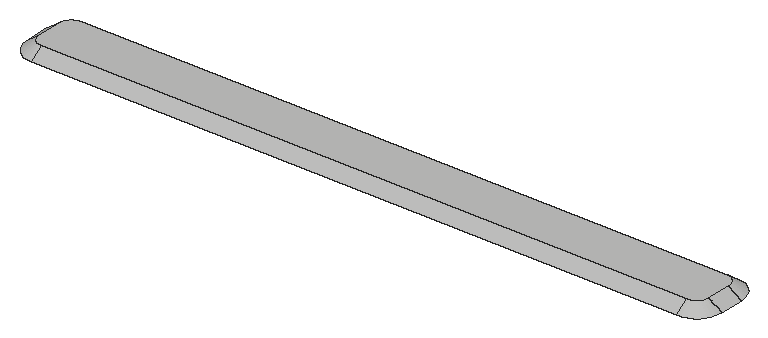
Revit family "Taktila - Objekt 2 - (Lang 280mm) - NCS3000", category Generic Models, Revit 2023
Family settings
  Can host rebar = No
  Round Connector Dimension = Use Diameter
  Part Type = Normal
  Work Plane-Based = No
  Always vertical = Yes
  Cut with Voids When Loaded = No
  Maintain Annotation Orientation = No
  Shared = No
  Room Calculation Point = No
Parameters
  Sklisikkerhet [instance] = "R10 (Ihht. DIN 51130-2104)"
  Materiale [instance] = "Resirkulert nylon plast. PA 15%gf"
  Mål [instance] = "L: 280mm / B: 30mm / H: 3,6mm - Ø: 30mm / H: 3,6mm"
  Material [instance] = Taktila - Lys Grå
  Innfesting [instance] = "3M™ VHB™ tape"
  Farge [instance] = "NCS3000-N - Lys Grå"
  EDP [instance] = "Miljødeklarasjon"
  Default Elevation = 0 mm
Reference planes
  plane 1 "Center (Front/Back)": y = 0
  plane 2: z = 0
  plane 3 "Center (Left/Right)": x = 0
Forms (mm)
  Blend 1, solid, material "Taktila - Lys Grå"
    base sketch origin (0, 0, 0) x (1, 0, 0) y (0, 1, 0)
      loop
        arc (-130, 15) -> (-137.071, 12.071) -> (-140, 5) r 10
        line (-140, 5) -> (-140, -5)
        arc (-140, -5) -> (-137.071, -12.071) -> (-130, -15) r 10
        line (-130, -15) -> (130, -15)
        arc (130, -15) -> (137.071, -12.071) -> (140, -5) r 10
        line (140, -5) -> (140, 5)
        arc (140, 5) -> (137.071, 12.071) -> (130, 15) r 10
        line (130, 15) -> (-130, 15)
    top sketch origin (0, 0, 0) x (1, 0, 0) y (0, 1, 0)
      loop
        arc (-130, 10) -> (-133.536, 8.536) -> (-135, 5) r 5
        line (-135, 5) -> (-135, -5)
        arc (-135, -5) -> (-133.536, -8.536) -> (-130, -10) r 5
        line (-130, -10) -> (130, -10)
        arc (130, -10) -> (133.536, -8.536) -> (135, -5) r 5
        line (135, -5) -> (135, 5)
        arc (135, 5) -> (133.536, 8.536) -> (130, 10) r 5
        line (130, 10) -> (-130, 10)
    from 0 to 3.6
Dimensions and locks
  aligned and locked: level to plane 2
